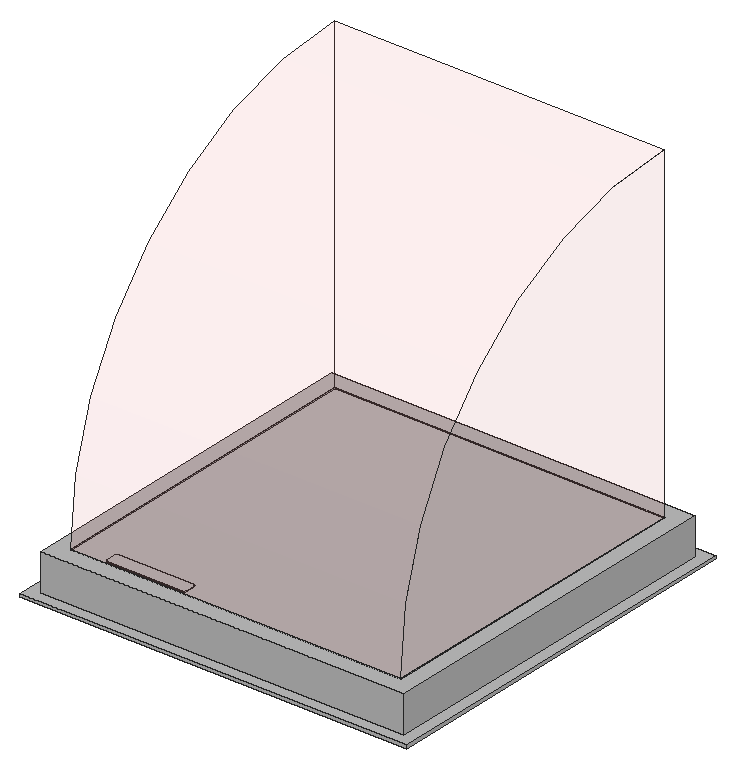
Revit family "Door_Access_Floor_Acudor_FC-H20", category Generic Models, host Face, Revit 2020
Family settings
  Host = Face
  Can host rebar = No
  Round Connector Dimension = Use Diameter
  Part Type = Normal
  Cut with Voids When Loaded = No
  Shared = No
  Room Calculation Point = No
Parameters
  halfswing = (Door Width / 2)  # 1' - 2 1/2"
  Warranty Duration (Years) = 0
  Unit Width = 2' - 0"
  Unit Weight = 0
  Unit Height = 2' - 0"
  Unit Depth = 0' - 3 1/2"
  URL = "http://www.acudor.com/"
  Test Data = ""
  Swing Clearance Visible [instance] = yes
  Standards Conformance = "as Specified"
  Specification = ""
  SpecWizard = ""
  SingleSwing [instance] = and(Single Leaf, Swing Clearance Visible)  # yes
  Single Leaf = Unit Width < 4' 0"  # yes
  Send Message = ""
  Sales Information = "http://www.acudor.com/contactus"
  Revision = "R1_2017-03"
  Product Properties = ""
  Product Data = "http://www.arcat.com/arcatcos/cos30/arc30126.html"
  Overall Width = 2' - 8"
  Overall Height = 2' - 8"
  Opening Width = Unit Width  # 2' - 0"
  Opening Height = Unit Height  # 2' - 0"
  Opening Depth [instance] = 1' - 0"
  Model = "As Specified"
  Manufacturer Website = "http://www.acudor.com/"
  Manufacturer Phone - Toll Free = "800-722-0501"
  Manufacturer Phone = "973-575-5120"
  Manufacturer Fax = "973-575-5160"
  Manufacturer Address = "80 Little Falls Rd.  Fairfield, NJ 07004"
  Manufacturer = "Acudor Products Inc"
  Maintenance Schedule (Months) = 0
  Keynote = ""
  Installation-Fabrication = ""
  Installation Phase = ""
  Green Building-LEED = "http://www.arcat.com/green/clients/leed_data_30126.html"
  Frame Finish [instance] = Metal - Acudor - Aluminum
  Fixture Finish [instance] = Metal - Acudor - Aluminum Diamond Plated
  Expected Lifespan (Years) = 0
  Drawn By = "Sumex Design, Inc. / Robert S. Weygant, CSI, CDT, SCIP"
  DoubleSwing [instance] = and(Double Leaf, Swing Clearance Visible)  # no
  Double Leaf = not(Single Leaf)  # no
  Door Width = Overall Width - 0' 3"  # 2' - 5"
  Door Height = Overall Height - 0' 3"  # 2' - 5"
  Description = "Acudor Product as Specified"
  Default Elevation = 0' - 0"  # constant formula
  Copyright = "©Arcat Inc."
  Construction Details = ""
  Clearance Material [instance] = ARCAT Clearance
  Clear Opening Width = 1' - 8"
  Clear Opening Height = 2' - 0"
  Capacity = "as Specified"
  Available Options [instance] = "as Specified"
  Assembly Code = ""
Reference planes (in)
  plane 1 "Center (Front/Back)": y = 1.28343
  plane 2: z = 0
  plane 3 "Center (Left/Right)": x = 0
  plane 4: y = 13.28343
  plane 5: y = -10.71657
  plane 6: x = -12
  plane 7: x = 12
  plane 8: z = 0
  plane 9: y = 17.28343
  plane 10: y = -14.71657
  plane 11: x = -16
  plane 12: x = 16
  plane 13: z = -3.5
  plane 14: x = -12
  plane 15: x = 12
  plane 16: y = 13.28343
  plane 17: y = -10.71657
  plane 18: z = -12
  plane 19: y = 15.78343
  plane 20: y = -13.21657
  plane 21: x = -14.5
  plane 22: x = 14.5
Forms (in)
  Extrusion 1, void
    sketch origin (0, 0, 0) x (1, 0, 0) y (0, 1, 0)
      loop
        line (-12, 13.28343) -> (-12, -10.71657) -> (12, -10.71657) -> (12, 13.28343) -> (-12, 13.28343)
    from -12 to 0
  Extrusion 2, void
    sketch origin (0, 0, 0) x (1, 0, 0) y (0, 1, 0)
      loop
        line (-16, 17.28343) -> (-16, -14.71657) -> (16, -14.71657) -> (16, 17.28343) -> (-16, 17.28343)
    from 0 to -3.5
  Sweep 3, solid, material "Metal - Acudor - Aluminum" <- "Frame Finish"
    path origin (0, 0, 0) x (1, 0, 0) y (0, 1, 0)
      loop
        line (-16, 17.28343) -> (-16, -14.71657) -> (16, -14.71657) -> (16, 17.28343) -> (-16, 17.28343)
    profile origin (0, 17.28343, 0) x (0, 1, 0) y (0, 0, 1)
      loop
        line (0, 0) -> (-1.5, 0) -> (-1.5, -0.25) -> (-0.25, -0.25) -> (-0.25, -3.25) -> (-3.75, -3.25) -> (-3.75, -0.25) -> (-4, -0.25) -> (-4, -3.5) -> (1, -3.5) -> (1, -3.25) -> (0, -3.25) -> (0, 0)
  Extrusion 4, solid, material "Metal - Acudor - Aluminum Diamond Plated" <- "Fixture Finish", visible <- "Single Leaf"
    sketch origin (0, 0, 0) x (1, 0, 0) y (0, 1, 0)
      loop
        line (-14.5, 15.78343) -> (-14.5, -13.21657) -> (14.5, -13.21657) -> (14.5, 15.78343) -> (-14.5, 15.78343)
    from 0 to -0.25
  Extrusion 5, solid, material "Metal - Acudor - Aluminum" <- "Frame Finish", visible <- "Single Leaf"
    sketch origin (0, 0, 0) x (1, 0, 0) y (0, 1, 0)
      loop
        arc (-11.44431, -11.76889) -> (-11.62109, -11.84211) -> (-11.69431, -12.01889) r 0.25
        line (-11.69431, -12.01889) -> (-11.69431, -12.76889)
        arc (-11.69431, -12.76889) -> (-11.62109, -12.94567) -> (-11.44431, -13.01889) r 0.25
        line (-11.44431, -13.01889) -> (-4.94431, -13.01889)
        arc (-4.94431, -13.01889) -> (-4.76754, -12.94567) -> (-4.69431, -12.76889) r 0.25
        line (-4.69431, -12.76889) -> (-4.69431, -12.01889)
        arc (-4.69431, -12.01889) -> (-4.76754, -11.84211) -> (-4.94431, -11.76889) r 0.25
        line (-4.94431, -11.76889) -> (-11.44431, -11.76889)
    from 0 to -0.25
  Extrusion 6, solid, material "Metal - Acudor - Aluminum" <- "Frame Finish", visible <- "Single Leaf"
    sketch origin (0, 0, 0) x (1, 0, 0) y (0, 1, 0)
      loop
        line (-11.25, 12.53343) -> (-11.25, -9.96489) -> (11.24832, -9.96489) -> (11.24832, 12.53343) -> (-11.25, 12.53343)
    from -1.75 to -0.25
  Extrusion 7, solid, material "Metal - Acudor - Aluminum Diamond Plated" <- "Fixture Finish", visible <- "Double Leaf"
    sketch origin (0, 0, 0) x (1, 0, 0) y (0, 1, 0)
      loop
        line (-14.5, 15.78343) -> (-14.5, -13.21657) -> (0, -13.21657) -> (0, 15.78343) -> (-14.5, 15.78343)
    from 0 to -0.25
  Extrusion 8, solid, material "Metal - Acudor - Aluminum Diamond Plated" <- "Fixture Finish", visible <- "Double Leaf"
    sketch origin (0, 0, 0) x (-1, 0, 0) y (0, -1, 0)
      loop
        line (-14.5, -15.78343) -> (0, -15.78343) -> (0, 13.21657) -> (-14.5, 13.21657) -> (-14.5, -15.78343)
    from 0 to -0.25
  Extrusion 9, solid, material "Metal - Acudor - Aluminum" <- "Frame Finish", visible <- "Double Leaf"
    sketch origin (0, 0, 0) x (1, 0, 0) y (0, 1, 0)
      loop
        line (-11.25, 12.53343) -> (-11.25, -9.96489) -> (0, -9.96489) -> (0, 12.53343) -> (-11.25, 12.53343)
    from -1.75 to -0.25
  Extrusion 10, solid, material "Metal - Acudor - Aluminum" <- "Frame Finish", visible <- "Double Leaf"
    sketch origin (0, 0, 0) x (-1, 0, 0) y (0, -1, 0)
      loop
        line (-11.25, -12.53343) -> (0, -12.53343) -> (0, 9.96489) -> (-11.25, 9.96489) -> (-11.25, -12.53343)
    from -1.75 to -0.25
  Extrusion 11, solid, material "Metal - Acudor - Aluminum" <- "Frame Finish", visible <- "Double Leaf"
    sketch origin (2.19992, 0, 0) x (1, 0, 0) y (0, 1, 0)
      loop
        arc (-12.44992, -11.76889) -> (-12.62669, -11.84211) -> (-12.69992, -12.01889) r 0.25
        line (-12.69992, -12.01889) -> (-12.69992, -12.76889)
        arc (-12.69992, -12.76889) -> (-12.62669, -12.94567) -> (-12.44992, -13.01889) r 0.25
        line (-12.44992, -13.01889) -> (-5.94992, -13.01889)
        arc (-5.94992, -13.01889) -> (-5.77314, -12.94567) -> (-5.69992, -12.76889) r 0.25
        line (-5.69992, -12.76889) -> (-5.69992, -12.01889)
        arc (-5.69992, -12.01889) -> (-5.77314, -11.84211) -> (-5.94992, -11.76889) r 0.25
        line (-5.94992, -11.76889) -> (-12.44992, -11.76889)
      loop
        line (8.05008, -11.76889) -> (1.55008, -11.76889)
        arc (1.55008, -11.76889) -> (1.37331, -11.84211) -> (1.30008, -12.01889) r 0.25
        line (1.30008, -12.01889) -> (1.30008, -12.76889)
        arc (1.30008, -12.76889) -> (1.37331, -12.94567) -> (1.55008, -13.01889) r 0.25
        line (1.55008, -13.01889) -> (8.05008, -13.01889)
        arc (8.05008, -13.01889) -> (8.22686, -12.94567) -> (8.30008, -12.76889) r 0.25
        line (8.30008, -12.76889) -> (8.30008, -12.01889)
        arc (8.30008, -12.01889) -> (8.22686, -11.84211) -> (8.05008, -11.76889) r 0.25
    from 0 to -0.25
  Extrusion 12, solid, material "ARCAT Clearance" <- "Clearance Material", visible <- "SingleSwing"
    sketch origin (0, 0, 0) x (0, 1, 0) y (0, 0, 1)
      loop
        arc (15.78343, 29) -> (-4.72267, 20.5061) -> (-13.21657, 0) r 29
        line (-13.21657, 0) -> (15.78343, 0) -> (15.78343, 29)
    from -14.5 to 14.5
  Extrusion 13, solid, material "ARCAT Clearance" <- "Clearance Material", visible <- "DoubleSwing"
    sketch origin (0, 1.28343, 0) x (1, 0, 0) y (0, 0, 1)
      loop
        arc (0, 0) -> (-4.24695, 10.25305) -> (-14.5, 14.5) r 14.5
        line (-14.5, 14.5) -> (-14.5, 0) -> (0, 0)
    from -14.5 to 14.5
  Extrusion 14, solid, material "ARCAT Clearance" <- "Clearance Material", visible <- "DoubleSwing"
    sketch origin (0, 1.28343, 0) x (-1, 0, 0) y (0, 0, -1)
      loop
        line (0, 0) -> (-14.5, 0) -> (-14.5, -14.5)
        arc (-14.5, -14.5) -> (-4.24695, -10.25305) -> (0, 0) r 14.5
    from -14.5 to 14.5
Lines and regions (in)
  model lines, style "GenericModelHiddenLines", visible <- "Single Leaf"
    curve 1: line (-14.5, -13.21657, 0) -> (0, 15.78343, 0)
    curve 2: line (0, 15.78343, 0) -> (14.5, -13.21657, 0)
  model lines, style "GenericModelHiddenLines", visible <- "Double Leaf"
    curve 3: line (0, 15.78343, 0) -> (-14.5, 1.28343, 0)
    curve 4: line (-14.5, 1.28343, 0) -> (0, -13.21657, 0)
    curve 5: line (0, -13.21657, 0) -> (14.5, 1.28343, 0)
    curve 6: line (14.5, 1.28343, 0) -> (0, 15.78343, 0)
Dimensions and locks (in)
  locked: plane 8 to level
  equal spacing: plane 4, plane 1 "Center (Front/Back)", plane 5
  "Unit Height": plane 4 to plane 5
  equal spacing: plane 6, plane 3 "Center (Left/Right)", plane 7
  "Unit Width": plane 6 to plane 7
  equal spacing: plane 11, plane 3 "Center (Left/Right)", plane 12
  equal spacing: plane 9, plane 1 "Center (Front/Back)", plane 10
  "Overall Width": plane 11 to plane 12
  "Overall Height": plane 9 to plane 10
  "Unit Depth": plane 8 to plane 13
  equal spacing: plane 16, plane 1 "Center (Front/Back)", plane 17
  equal spacing: plane 14, plane 3 "Center (Left/Right)", plane 15
  "Opening Width": plane 14 to plane 15
  "Opening Height": plane 16 to plane 17
  "Opening Depth": level to plane 18
  locked: plane 11 to Extrusion 4 sketch curve at 1.5
  locked: plane 9 to Extrusion 4 sketch curve at 1.5
  locked: Extrusion 4 sketch curve to plane 12 at 1.5
  locked: Extrusion 4 sketch curve to plane 10 at 1.5
  Extrusion 5 sketch curve to Extrusion 5 sketch curve to plane 10 = 0' - 1 1/4" locked, 0' - 1.69768" locked
  plane 11 to Extrusion 5 sketch curve to Extrusion 5 sketch curve = 0' - 4.30569" locked, 0' - 7" locked
  locked: Extrusion 6 sketch curve to plane 15 at 0.75168
  locked: plane 14 to Extrusion 6 sketch curve at 0.75
  locked: plane 16 to Extrusion 6 sketch curve at 0.75
  locked: Extrusion 6 sketch curve to plane 17 at 0.75168
  locked: plane 9 to Extrusion 8 sketch curve at 1.5
  locked: Extrusion 8 sketch curve to plane 12 at 1.5
  locked: Extrusion 8 sketch curve to plane 10 at 1.5
  locked: plane 9 to Extrusion 7 sketch curve at 1.5
  locked: Extrusion 7 sketch curve to plane 10 at 1.5
  locked: plane 11 to Extrusion 7 sketch curve at 1.5
  locked: plane 9 to plane 19 at 1.5
  locked: plane 20 to plane 10 at 1.5
  locked: plane 11 to plane 21 at 1.5
  locked: plane 22 to plane 12 at 1.5
  locked: plane 16 to Extrusion 9 sketch curve at 0.75
  locked: Extrusion 9 sketch curve to plane 17 at 0.75168
  locked: plane 14 to Extrusion 9 sketch curve at 0.75
  locked: plane 16 to Extrusion 10 sketch curve at 0.75
  locked: Extrusion 10 sketch curve to plane 17 at 0.75168
  locked: Extrusion 10 sketch curve to plane 15 at 0.75
  locked: Extrusion 11 sketch curve to Extrusion 11 sketch curve at 1.25  (x2)
  locked: Extrusion 11 sketch curve to Extrusion 11 sketch curve at 7  (x2)
  locked: Extrusion 11 sketch curve to plane 3 "Center (Left/Right)" at 3.5
  locked: plane 3 "Center (Left/Right)" to Extrusion 11 sketch curve at 3.5
  locked: plane 20 to Extrusion 11 sketch curve at 0.19768  (x2)
  "Door Height": radius of Extrusion 12 sketch curve
  "halfswing": radius of Extrusion 13 sketch curve
  "halfswing": radius of Extrusion 14 sketch curve
  aligned and locked: host face to plane 2
  aligned and locked: host face to level
  aligned and locked: Extrusion 1 sketch curve to plane 16
  aligned and locked: plane 14 to Extrusion 1 sketch curve
  aligned and locked: plane 17 to Extrusion 1 sketch curve
  aligned and locked: Extrusion 1 sketch curve to plane 15
  aligned and locked: Extrusion 1 to plane 18
  aligned and locked: plane 8 to Extrusion 1
  aligned and locked: Extrusion 2 sketch curve to plane 9
  aligned and locked: plane 11 to Extrusion 2 sketch curve
  aligned and locked: plane 10 to Extrusion 2 sketch curve
  aligned and locked: Extrusion 2 sketch curve to plane 12
  aligned and locked: Sweep 3 sketch curve to plane 9
  aligned and locked: plane 11 to Sweep 3 sketch curve
  aligned and locked: plane 10 to Sweep 3 sketch curve
  aligned and locked: Sweep 3 sketch curve to plane 12
  aligned and locked: Extrusion 8 sketch curve to plane 3 "Center (Left/Right)"
  aligned and locked: Extrusion 7 sketch curve to plane 3 "Center (Left/Right)"
  aligned and locked: plane 19 to curve 6
  aligned and locked: plane 3 "Center (Left/Right)" to curve 3
  aligned and locked: plane 3 "Center (Left/Right)" to curve 5
  aligned and locked: plane 20 to curve 4
  aligned and locked: plane 21 to curve 4
  aligned and locked: plane 1 "Center (Front/Back)" to curve 4
  aligned and locked: plane 1 "Center (Front/Back)" to curve 6
  aligned and locked: plane 22 to curve 6
  aligned and locked: Extrusion 9 sketch curve to plane 3 "Center (Left/Right)"
  aligned and locked: Extrusion 10 sketch curve to plane 3 "Center (Left/Right)"
  aligned and locked: Extrusion 12 sketch curve to plane 19
  aligned and locked: plane 21 to Extrusion 12
  aligned and locked: Extrusion 12 to plane 22
  aligned and locked: Extrusion 13 sketch curve to plane 21
  aligned and locked: Extrusion 14 sketch curve to plane 22
  aligned and locked: plane 20 to Extrusion 14
  aligned and locked: plane 20 to Extrusion 13
  aligned and locked: Extrusion 14 to plane 19
  aligned and locked: Extrusion 13 to plane 19
Automatic sketch dimensions
  host sketch curve to host sketch curve = 12' - 11.75605"
  host sketch curve to host sketch curve = 12' - 7.74281"
  Sweep 3 sketch curve to level = 0' - 0"
  Sweep 3 sketch curve to profile plane = 0' - 0"
  profile plane to Sweep 3 sketch curve = 0' - 0 1/4"
  Sweep 3 sketch curve to level = 0' - 0 1/4"  (x2)
  Sweep 3 sketch curve to Sweep 3 sketch curve = 0' - 1 1/4"
  Sweep 3 sketch curve to Sweep 3 sketch curve = 0' - 3 1/2"
  Sweep 3 sketch curve to Sweep 3 sketch curve = 0' - 0 1/4"  (x2)
  Sweep 3 sketch curve to profile plane = 0' - 1"
  Sweep 3 sketch curve to Sweep 3 sketch curve = 0' - 3"
  Sweep 3 sketch curve to Sweep 3 sketch curve = 0' - 0"
  Extrusion 5 sketch curve to Extrusion 5 sketch curve = 0' - 0 1/4"  (x4)
  curve 1 to Extrusion 4 = 0' - 0"  (x2)
  curve 2 to Extrusion 4 = 0' - 0"  (x2)
  Extrusion 4 to curve 2 = 0' - 0"
  curve 2 to Extrusion 4 = 1' - 2 1/2"
  Extrusion 11 sketch curve to Extrusion 11 sketch curve = 0' - 0 1/4"  (x8)
  Extrusion 12 sketch curve to level = 0' - 0"
  Extrusion 12 sketch curve to plane 20 = 0' - 0"
  Extrusion 13 sketch curve to level = 0' - 0"  (x2)
  Extrusion 14 sketch curve to level = 0' - 0"  (x2)
